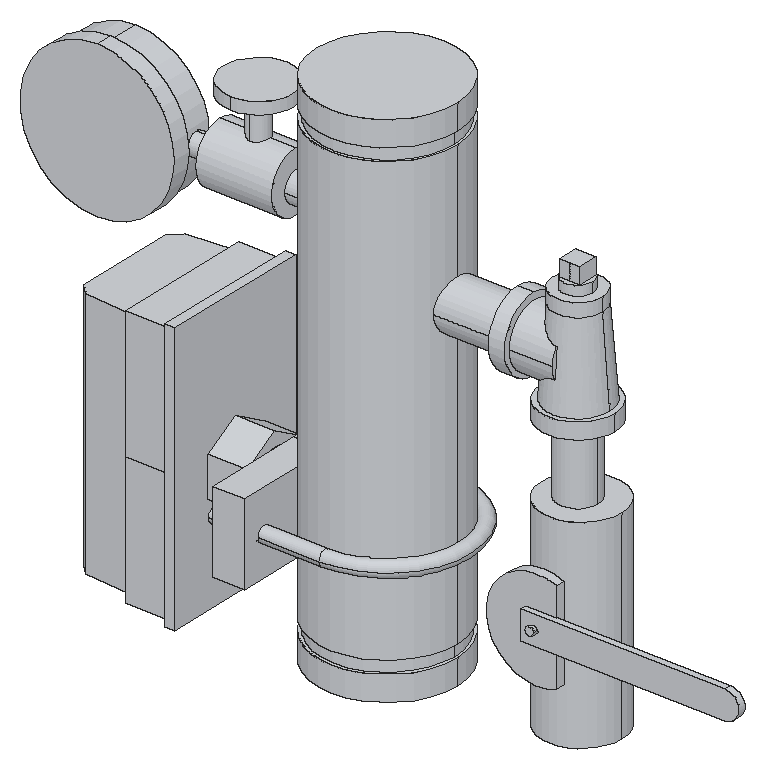
Revit family
Reference planes (in)
  plane 1 "Center (Front/Back)": y = 0
  plane 2: z = 0
  plane 3 "Center (Left/Right)": x = 0
Dimensions and locks (in)
  aligned and locked: plane 2 to level
Nested families (in)
  nested 1: "3FC" at (0, 0, 0), type "RASCO CR COMMERCIAL RISER"
Connectors (in)
  piping at (4.83942, 0.00505, 0.25)
    settings: on nested 1, index 1, connector radius 1", flow factor 0, pipe flow 0 GPM, pressure drop 0.00 psi, fitting loss kfactor 0, connector angle 0.00°, fixture units 0, flow configuration 0, flow direction 0, fitting loss method 0, system type 7, connector reference index -1, connector utility 0, adjustable connector no, is connector primary yes, fitting loss table "", connector description ""
  piping at (0, 0, 13)
    settings: on nested 1, index 2, connector radius 1 1/2", flow factor 0, pipe flow 0 GPM, pressure drop 0.00 psi, fitting loss kfactor 0, connector angle 0.00°, fixture units 0, flow configuration 0, flow direction 0, fitting loss method 0, system type 7, connector reference index -1, connector utility 0, adjustable connector no, is connector primary no, fitting loss table "", connector description ""
  piping at (0, 0, 0)
    settings: on nested 1, index 3, connector radius 1 1/2", flow factor 0, pipe flow 0 GPM, pressure drop 0.00 psi, fitting loss kfactor 0, connector angle 0.00°, fixture units 0, flow configuration 0, flow direction 0, fitting loss method 0, system type 7, connector reference index -1, connector utility 0, adjustable connector no, is connector primary no, fitting loss table "", connector description ""
Definition of nested family "3FC"
  Reference planes (in)
    plane 1 "Center (Front/Back)": y = 0
    plane 2: z = 0
    plane 3 "Center (Left/Right)": x = 0
    plane 4 "ref.1": z = 0.63009
    plane 5 "TOP": z = 13
    plane 6 "GRV": z = 12.375
    plane 7 "REF2": z = 0.94309
    plane 8: x = -8.5
    plane 9: x = 4.75
    plane 10: x = 10.25
  Forms (in)
    Extrusion 1, solid
      sketch origin (0, 0, 0) x (1, 0, 0) y (0, 1, 0)
        loop
          circle (0, 0) r 1.75
      from 0 to 0.625
    Extrusion 2, solid
      sketch origin (1.99327, 0, 6.79134) x (-1, 0, 0) y (0, -1, 0)
        loop
          circle (-2.75, 0.00522) r 0.5
      from -1.50134 to 0.55
    Extrusion 3, solid
      sketch origin (1.98834, 0, 9.9493) x (-1, 0, 0) y (0, -1, 0)
        loop
          circle (-2.75, 0) r 0.375
      from 0 to 0.2412
    Extrusion 4, solid
      sketch origin (1.98544, 0, 9.9493) x (-1, 0, 0) y (0, -1, 0)
        loop
          line (-2.753, 0.25) -> (-3.003, 0.25) -> (-3.003, -0.25) -> (-2.503, -0.25) -> (-2.503, 0) -> (-2.503, 0.25) -> (-2.753, 0.25)
      from 0.2412 to 0.64184
    Extrusion 5, solid
      sketch origin (0, 0, 0.63009) x (-1, 0, 0) y (0, -1, 0)
        loop
          circle (0, 0) r 1.672
      from 0 to 0.313
    Extrusion 6, solid
      sketch origin (0, 0, 13) x (-1, 0, 0) y (0, -1, 0)
        loop
          circle (0, 0) r 1.75
      from 0 to -0.625
    Extrusion 7, solid
      sketch origin (0, 0, 12.375) x (-1, 0, 0) y (0, -1, 0)
        loop
          circle (0, 0) r 1.672
      from 0 to -0.313
    Extrusion 8, solid
      sketch origin (0, 0, 0.94309) x (-1, 0, 0) y (0, -1, 0)
        loop
          circle (0, 0) r 1.75
      from 0 to 11.11891
    Extrusion 9, solid
      sketch origin (0, 0, 0) x (0, 1, 0) y (0, 0, 1)
        loop
          circle (0, 9.75) r 0.375
      from 0 to -2.27137
    Extrusion 10, solid
      sketch origin (0, 0, 0) x (0, 1, 0) y (0, 0, 1)
        loop
          circle (0, 8.52128) r 0.625
      from 0 to 3.25
    Extrusion 11, solid
      sketch origin (-0.84863, 0.02227, -0.14731) x (0, 1, 0) y (0, 0, 1)
        loop
          line (-0.00807, 4.24845) -> (-2.52227, 4.24845) -> (-2.52227, 2.23289) -> (-0.00807, 2.23289) -> (2.55036, 2.23289) -> (2.55036, 4.24845) -> (-0.00807, 4.24845)
      from -0.70202 to -1.5
    Sweep 12, solid
      path origin (0.01124, -0.01472, 0.94309) x (-1, 0, 0) y (0, -1, 0)
        loop
          line (2.77076, 1.90386) -> (0.02076, 1.90386)
          arc (0.02076, 1.90386) -> (-1.90685, -0.02375) -> (0.02076, -1.95136) r 1.92761
          line (0.02076, -1.95136) -> (2.77076, -1.95136)
      profile origin (-1.38452, 1.93664, 0.94309) x (0, -1, 0) y (0, 0, 1)
        loop
          circle (0, 2.14151) r 0.189
  Dimensions and locks (in)
    plane 5 "TOP" to level = 1' - 1"
    plane 10 to plane 8 = 1' - 6 3/4"
    Extrusion 6 to nested 3 = 1' - 0 3/4"
    aligned and locked: plane 2 to level
  Nested families (in)
    nested 1: "Gauge3" at (-6.05142, 0.39285, 3.90873), type "RASCO Gauge"
    nested 2: "Water Flow Detector" at (-5.10222, 0, -0.5752), type "Water Flow Detector"
    nested 3: "Test-Drain Valve" at (4.75, -0.3702, 0.25), type "Test-Drain Valve"
    nested 4: "tee3" at (4.75, 0, 7.05251), type "tee3"
    nested 5: "Globe Valve10" at (-2.06, 0, 9.12048), type "RASCO Globe Valve"
  Definition of nested family "Gauge3"
    Reference planes (in)
      plane 1 "Center (Front/Back)": y = 0
      plane 2: z = 0
      plane 3 "Center (Left/Right)": x = 0
      plane 4: z = 7.47962
      plane 5 "ref.2": y = -0.425
      plane 6 "ref.3": z = 5.65212
      plane 7 "refdt": y = -1.191
    Forms (in)
      Extrusion 1, solid
        sketch origin (6.95412, -1.191, 5.90312) x (0, 0, -1) y (-1, 0, 0)
          loop
            circle (0, 7.47962) r 1.9225
        from 0 to 0.425
      Extrusion 2, solid
        sketch origin (6.95412, -0.766, 5.90312) x (-1, 0, 0) y (0, 0, 1)
          loop
            circle (7.47962, 0) r 1.8275
        from 0 to 0.766
      Extrusion 3, solid
        sketch origin (2.43846, -1.191, 5.90312) x (0, 1, 0) y (0, 0, 1)
          loop
            circle (0.80101, 0) r 0.2725
        from 0 to -1.146
    Lines and regions (in)
      model lines
        curve 1: arc (-0.5255, -1.191, 4.25062) -> (-2.178, -1.191, 5.90312) -> (-0.5255, -1.191, 7.55562) r 1.6525
        curve 2: arc (-0.5255, -1.191, 4.42562) -> (-2.003, -1.191, 5.90312) -> (-0.5255, -1.191, 7.38062) r 1.4775
        curve 3: line (-0.5255, -1.191, 4.25062) -> (-0.5255, -1.191, 4.42562)
        curve 4: line (-0.5255, -1.191, 7.38062) -> (-0.5255, -1.191, 7.55562)
        curve 5: line (-0.32954, -1.191, 5.36925) -> (-1.42319, -1.191, 6.76906)
        curve 6: line (-1.42319, -1.191, 6.76906) -> (-0.17646, -1.191, 5.52233)
        curve 7: line (-0.17646, -1.191, 5.52233) -> (-0.32954, -1.191, 5.36925)
    Dimensions and locks (in)
      aligned and locked: plane 2 to level
  Definition of nested family "Water Flow Detector"
    Reference planes (in)
      plane 1 "Center (Front/Back)": y = 0
      plane 2: z = 0
      plane 3 "Center (Left/Right)": x = 0
    Forms (in)
      Extrusion 1, solid
        sketch origin (3.64489, -0.00807, 3.68167) x (0, 0, -1) y (0, -1, 0)
          loop
            circle (0, 0) r 0.655
        from 0 to 1.32768
      Extrusion 2, solid
        sketch origin (2.31721, -0.00807, 5.11447) x (0, -1, 0) y (0, 0, 1)
          loop
            line (0, -0.43279) -> (-0.86603, -0.93279) -> (-0.86603, -1.93279) -> (0, -2.43279) -> (0.86603, -1.93279) -> (0.86603, -0.93279) -> (0, -0.43279)
        from 0 to 1
      Extrusion 3, solid
        sketch origin (1.31721, -0.00404, 4.28167) x (0, 0, 1) y (0, 1, 0)
          loop
            line (-3.6, 0) -> (-3.6, -1.875) -> (3.15, -1.875) -> (3.15, 1.875) -> (-3.6, 1.875) -> (-3.6, 0)
        from 0 to 0.25
      Extrusion 4, solid
        sketch origin (1.06721, -0.00807, 3.68167) x (0, 0, 1) y (0, 1, 0)
          loop
            line (0.375, -1.765) -> (3.625, -1.765) -> (3.625, 1.765) -> (-2.89, 1.765) -> (-2.89, -1.765) -> (0.375, -1.765)
        from 0 to 1.062
      Extrusion 5, solid
        sketch origin (3.64477, -0.00807, 4.42051) x (-1, 0, 0) y (0, -1, 0)
          loop
            line (3.63968, 0) -> (3.63968, -1.627) -> (4.80895, -1.54524) -> (5.07768, -1.2765) -> (5.07768, 0) -> (5.07768, 1.2765) -> (4.80895, 1.54524) -> (3.63968, 1.627) -> (3.63968, 0)
        from -3.48722 to 2.75684
    Dimensions and locks (in)
      aligned and locked: plane 2 to level
  Definition of nested family "Test-Drain Valve"
    Parameters (values of type "Test-Drain Valve")
      Assembly Code = ""
    Reference planes (in)
      plane 1 "Center (Front/Back)": y = 0
      plane 2: z = 0
      plane 3 "Center (Left/Right)": x = 0
      plane 4 "ref.2": z = 1.03
    Forms (in)
      Extrusion 1, solid
        sketch origin (0.0978, 0.09564, 3.15774) x (1, 0, 0) y (0, 0, 1)
          loop
            circle (-0.00162, -0.38531) r 0.105
        from 0.56904 to 1.36107
      Extrusion 2, solid
        sketch origin (0.37389, -1.26543, 1.64423) x (0, 0, 1) y (-1, 0, 0)
          loop
            line (1.03, 0.56251) -> (0.78415, 0.56251) -> (0.78415, -4.51523)
            arc (0.78415, -4.51523) -> (1.13312, -4.8642) -> (1.48208, -4.51523) r 0.34897
            line (1.48208, -4.51523) -> (1.48208, 0.56251) -> (1.03, 0.56251)
        from -0.26148 to -0.09542
      Extrusion 3, solid
        sketch origin (0, 0, 0) x (1, 0, 0) y (0, 1, 0)
          loop
            circle (0.08942, 0.37525) r 1
        from 0 to 5.04
      Extrusion 4, solid
        sketch origin (0.27523, 0.78727, -0.10701) x (1, 0, 0) y (0, 0, 1)
          loop
            line (0.28512, 2.5) -> (0.28512, 3.93949)
            arc (0.28512, 3.93949) -> (-1.45413, 2.78922) -> (0.28512, 1.63894) r 1.25
            line (0.28512, 1.63894) -> (0.28512, 2.5)
        from 1.56371 to 1.79121
    Dimensions and locks (in)
      aligned and locked: plane 2 to level
  Definition of nested family "tee3"
    Parameters (values of type "tee3")
      Assembly Code = ""
    Reference planes (in)
      plane 1 "Center (Front/Back)": y = 0
      plane 2: z = 0
      plane 3 "Center (Left/Right)": x = 0
      plane 4 "ref.2": z = 0.4
      plane 5 "re.3": z = 2.00996
      plane 6: x = -1.5
    Forms (in)
      Extrusion 1, solid
        sketch origin (0, 0, 0) x (1, 0, 0) y (0, 1, 0)
          loop
            circle (0, 0) r 0.92
        from 0 to 0.4
      Blend 2, solid
        base sketch origin (0, 0, 0.4) x (-1, 0, 0) y (0, -1, 0)
          loop
            circle (0, 0) r 0.785
        top sketch origin (0, 0, 0.4) x (-1, 0, 0) y (0, -1, 0)
          loop
            circle (0, 0) r 0.6225
        from 0 to 2.16061
      Extrusion 3, solid
        sketch origin (-0.0036, 0, 2.00996) x (-1, 0, 0) y (0, -1, 0)
          loop
            circle (0, 0) r 0.6225
        from 0.88683 to 0.55064
      Extrusion 4, solid
        sketch origin (0, 0, 0.26952) x (0, 1, 0) y (0, 0, 1)
          loop
            circle (-0.00522, 1.18821) r 0.785
        from 0 to -1.1
      Extrusion 5, solid
        sketch origin (-1.1, 0, 1.47271) x (0, 0, 1) y (0, 1, 0)
          loop
            circle (0, 0) r 0.92
        from 0 to 0.4
    Dimensions and locks (in)
      aligned and locked: plane 2 to level
  Definition of nested family "Globe Valve10"
    Parameters (values of type "RASCO Globe Valve")
      Assembly Code = ""
    Reference planes (in)
      plane 1 "Center (Front/Back)": y = 0
      plane 2: z = 0
      plane 3 "Center (Left/Right)": x = 0
      plane 4 "ref. side": x = -0.5
      plane 5 "ref. side2": x = -1.734
      plane 6 "ref. side 4": x = -2.763
    Forms (in)
      Extrusion 1, solid
        sketch origin (-0.27216, -0.01249, 0.71909) x (0, 0, -1) y (0, -1, 0)
          loop
            circle (0, 0) r 0.75
        from -0.06079 to 1.82121
      Extrusion 2, solid
        sketch origin (-0.27501, -0.00978, 1.2975) x (0, 1, 0) y (-1, 0, 0)
          loop
            circle (0, 0.86289) r 0.265
        from -0.00766 to 1.234
      Extrusion 3, solid
        sketch origin (-0.28892, 0.00562, 2.36212) x (0, 1, 0) y (-1, 0, 0)
          loop
            circle (0, 0.85138) r 0.87523
        from 0 to 0.3
    Dimensions and locks (in)
      aligned and locked: plane 2 to level
